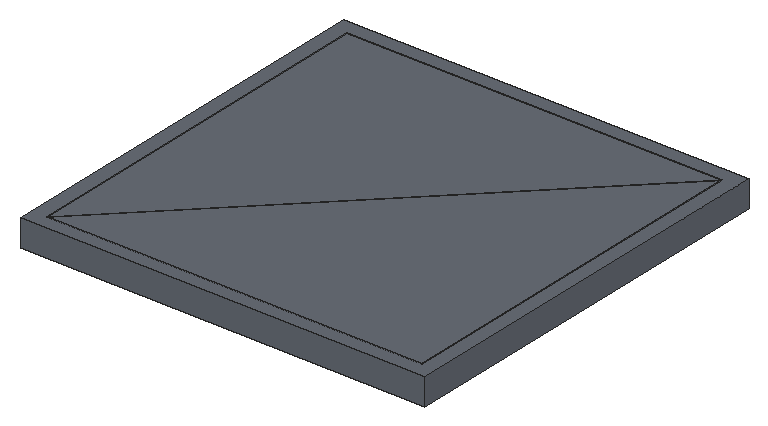
Revit family
Parameters
  URL = "http://www.meinertz.com/pictures_org/prodk.pdf"
  RL = (Grill Count * 24 mm) + 11 mm + 2 * Frame Offset  # 301 mm
  Model = "ProLine tilpasninger, Separat rist med profiler svejset i gering (B)"
  Manufacturer = "Meinertz"  # constant formula
  Length = 300 mm
  Keynote = "ProLine tilpasninger, Separat rist med profiler svejset i gering (B)"
  Grill Vertical = RAL 7024 GV
  Grill Horizontal = RAL 7024 GH
  Grill Count = (Length - (2 * Frame Offset) - 11 mm) / 24 mm  # 11
  GoGetNo = 6950  # constant formula
  Frame Offset = 13 mm
  Frame = RAL 7024
  Depth = 100 mm
Reference planes
  plane 1 "Center (Front/Back)": y = 0
  plane 2: z = 0
  plane 3 "Center (Left/Right)": x = 0
  plane 4: x = -150.5
  plane 5: x = 150.5
  plane 6: y = 150.5
  plane 7: y = -150.5
  plane 8: y = 163.5
  plane 9: y = -163.5
  plane 10: x = -163.5
  plane 11: x = 163.5
  plane 12: x = 139.5
  plane 13: x = -139.5
  plane 14: y = 139.5
  plane 15: y = -139.5
  plane 16: z = -20
  plane 17: z = -100
Forms (mm)
  Extrusion 1, solid, material "RAL 7024" <- "Frame"
    sketch origin (0, 0, 0) x (1, 0, 0) y (0, 1, 0)
      loop
        line (-150.5, 150.5) -> (-150.5, -150.5) -> (150.5, -150.5) -> (150.5, 150.5) -> (-150.5, 150.5)
      loop
        line (-139.5, 139.5) -> (-139.5, -139.5) -> (139.5, -139.5) -> (139.5, 139.5) -> (-139.5, 139.5)
    from -20 to 0
  Extrusion 2, solid, material "RAL 7024 GH" <- "Grill Horizontal"
    sketch origin (0, 0, 0) x (1, 0, 0) y (0, 1, 0)
      loop
        line (-139.5, -139.5) -> (139.5, 139.5) -> (-139.5, 139.5) -> (-139.5, -139.5)
    from -20 to 0
  Extrusion 3, solid, material "RAL 7024 GV" <- "Grill Vertical"
    sketch origin (0, 0, 0) x (1, 0, 0) y (0, 1, 0)
      loop
        line (-139.5, -139.5) -> (139.5, -139.5) -> (139.5, 139.5) -> (-139.5, -139.5)
    from -20 to 0
Lines and regions (mm)
  Masking region 1
    outline origin (0, 0, 0) x (1, 0, 0) y (0, 1, 0)
      loop
        line (-139.5, 139.5) -> (-139.5, -139.5) -> (139.5, -139.5) -> (139.5, 139.5) -> (-139.5, 139.5)
Dimensions and locks
  equal spacing: plane 4, plane 3 "Center (Left/Right)", plane 5
  equal spacing: plane 7, plane 1 "Center (Front/Back)", plane 6
  "RL": plane 4 to plane 5
  "RL": plane 6 to plane 7
  "Frame Offset": plane 5 to plane 11
  "Frame Offset": plane 10 to plane 4
  "Frame Offset": plane 6 to plane 8
  "Frame Offset": plane 7 to plane 9
  locked: plane 4 to plane 13 at 11
  locked: plane 12 to plane 5 at 11
  locked: plane 14 to plane 6 at 11
  locked: plane 15 to plane 7 at 11
  locked: plane 2 to plane 16 at 20
  "Depth": plane 2 to plane 17
  aligned and locked: level to plane 2
  aligned and locked: plane 6 to Extrusion 1 sketch curve
  aligned and locked: plane 5 to Extrusion 1 sketch curve
  aligned and locked: plane 7 to Extrusion 1 sketch curve
  aligned and locked: plane 4 to Extrusion 1 sketch curve
  aligned and locked: plane 13 to Extrusion 1 sketch curve
  aligned and locked: plane 14 to Extrusion 1 sketch curve
  aligned and locked: plane 12 to Extrusion 1 sketch curve
  aligned and locked: plane 15 to Extrusion 1 sketch curve
  aligned and locked: plane 14 to Masking region 1 sketch curve
  aligned and locked: plane 15 to Masking region 1 sketch curve
  aligned and locked: plane 12 to Masking region 1 sketch curve
  aligned and locked: plane 13 to Masking region 1 sketch curve
  aligned and locked: nested 1 to plane 14
  aligned and locked: plane 13 to nested 1
  aligned and locked: nested 1 to plane 12
  aligned and locked: nested 1 to plane 15
Automatic sketch dimensions
  Extrusion 2 sketch curve to plane 13 = 0 mm
  Extrusion 2 sketch curve to plane 12 = 0 mm
  Extrusion 2 sketch curve to plane 15 = 0 mm
  plane 14 to Extrusion 2 sketch curve = 0 mm
  Extrusion 3 sketch curve to plane 13 = 0 mm
  Extrusion 3 sketch curve to plane 12 = 0 mm
  Extrusion 3 sketch curve to plane 15 = 0 mm
  plane 14 to Extrusion 3 sketch curve = 0 mm
Nested families
  nested 1: "Grill Box" at (-139.5, -139.5, 0), type "Grill"
    with Start 13 mm, Second 11 mm, Length 279 mm, Big yes
Definition of nested family "Grill Box"
  Parameters (values of type "Grill")
    Start [instance] = if(Big, 13 mm, 11 mm)  # 13 mm
    Second [instance] = if(Big, 11 mm, 13 mm)  # 11 mm
    Length [instance] = 600 mm
    Big [instance] = yes
    Assembly Code = ""
  Reference planes
    plane 1 "Center (Front/Back)": y = 0
    plane 2: z = 0
    plane 3 "Center (Left/Right)": x = 0
    plane 4: y = 600
    plane 5: x = 600
    plane 6: through (0, 0, 4000) normal (-0.7071, 0.7071, 0)
    plane 7: y = 24
  Lines and regions (mm)
    Filled region 1, type "Base Hor", in view "Ref. Level"
      outline origin (0, 0, 0) x (1, 0, 0) y (0, 1, 0)
        loop
          line (0, 600) -> (0, 0) -> (600, 600) -> (0, 600)
    Filled region 2, type "Top Hor", in view "Ref. Level"
      outline origin (45.053, 31.547, 0) x (1, 0, 0) y (0, 1, 0)
        loop
          line (-45.053, 568.453) -> (-45.053, -31.547) -> (554.947, 568.453) -> (-45.053, 568.453)
    Filled region 3, type "Base Hor", in view "Ref. Level"
      outline origin (0, 0, 0) x (1, 0, 0) y (0, 1, 0)
        loop
          line (0, 0) -> (600, 0) -> (600, 600) -> (0, 0)
    Filled region 4, type "Top Hor", in view "Ref. Level"
      outline origin (0, 0, 0) x (1, 0, 0) y (0, 1, 0)
        loop
          line (0, 0) -> (600, 0) -> (600, 600) -> (0, 0)
  Dimensions and locks
    "Length": plane 4 to plane 1 "Center (Front/Back)"
    "Length": plane 3 "Center (Left/Right)" to plane 5
    "Start": plane 3 "Center (Left/Right)" to Filled region 3
    "Second": Filled region 3 to Filled region 4
    "Start": plane 1 "Center (Front/Back)" to Filled region 2
    "Second": Filled region 2 to Filled region 1
    aligned and locked: plane 4 to Filled region 2
    aligned and locked: Filled region 1 to plane 3 "Center (Left/Right)"
    aligned and locked: Filled region 2 sketch curve to plane 6
    aligned and locked: Filled region 1 sketch curve to plane 6
    aligned and locked: plane 3 "Center (Left/Right)" to Filled region 2 sketch curve
    aligned and locked: Filled region 1 to plane 7
  Automatic sketch dimensions
    Filled region 1 sketch curve to plane 1 "Center (Front/Back)" = 0 mm
    Filled region 1 sketch curve to plane 4 = 0 mm
    Filled region 2 sketch curve to plane 4 = 0 mm
    Filled region 3 sketch curve to plane 1 "Center (Front/Back)" = 0 mm
    Filled region 3 sketch curve to plane 3 "Center (Left/Right)" = 0 mm
    Filled region 3 sketch curve to plane 5 = 0 mm
    Filled region 3 sketch curve to plane 4 = 0 mm
    Filled region 4 sketch curve to plane 1 "Center (Front/Back)" = 0 mm
    Filled region 4 sketch curve to plane 3 "Center (Left/Right)" = 0 mm
    Filled region 4 sketch curve to plane 5 = 0 mm
    Filled region 4 sketch curve to plane 4 = 0 mm
